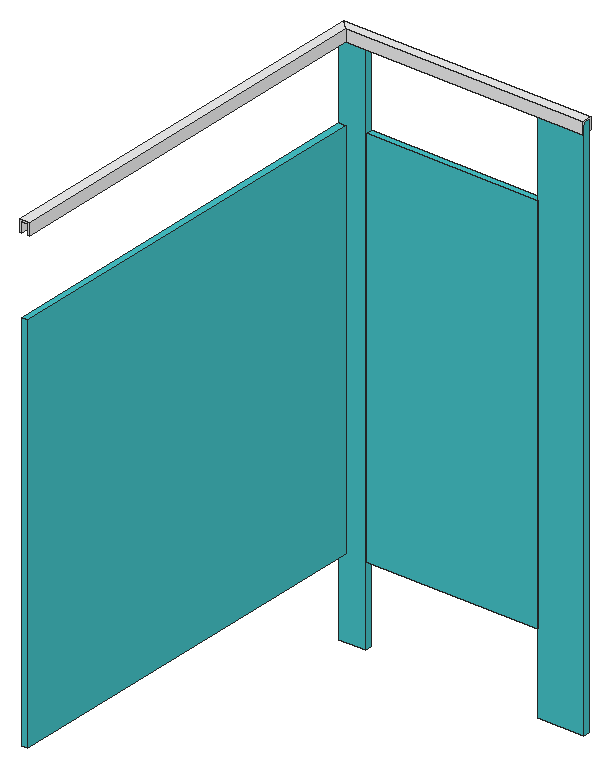
Revit family
Parameters (values of type "36" x 60" Clear")
  Assembly Code = "C1030100"
  Brace Height = 6' - 11"
  Door Width = 2' - 2"
  Length = 5' - 0"
  Toilet Partition Material = Toilet Partition
  Width = 3' - 0"
Types (4): name | Length | Width
  32" x 56" Clear | 4' - 8" | 3' - 0"
  36" x 60" Clear | 5' - 0" | 3' - 0"
  59" x 60" Clear | 5' - 0" | 4' - 11"
  2 9" x 60" Clear | 5' - 0" | 2' - 9"
Reference planes (in)
  plane 1: y = 0
  plane 2: x = 15.94107
  plane 3: y = 2.5
  plane 4 "Center (L/R)": x = 33.94107
  plane 5: x = -2.05893
  plane 6: y = 62.5
  plane 7 "Center (F/B)": y = 2.5
  plane 8: x = -3.05893
  plane 9: y = 63.5
  plane 10: x = 9.94107
  plane 11: z = 12
  plane 12: z = 70
  plane 13: x = 0.94107
  plane 14: x = 26.94107
  plane 15: z = 83
Forms (in)
  Extrusion 1, solid, material "Toilet Partition" <- "Toilet Partition Material"
    sketch origin (-60, 2.5625, 0) x (-1, 0, 0) y (0, 0, 1)
      loop
        line (-57.94107, 70) -> (-57.94107, 12) -> (-56.94107, 12) -> (-56.94107, 70) -> (-57.94107, 70)
    from -0.0625 to 59.9375
  Extrusion 2, solid, material "Toilet Partition" <- "Toilet Partition Material"
    sketch origin (0, 0, 0) x (1, 0, 0) y (0, 1, 0)
      loop
        line (-3.05893, 63.5) -> (-3.05893, 62.5) -> (0.94107, 62.5) -> (0.94107, 63.5) -> (-3.05893, 63.5)
      loop
        line (26.94107, 63.5) -> (26.94107, 62.5) -> (33.94107, 62.5) -> (33.94107, 63.5) -> (26.94107, 63.5)
    from 0 to 83
  Extrusion 3, solid, material "Toilet Partition" <- "Toilet Partition Material"
    sketch origin (0, 0, 0) x (1, 0, 0) y (0, 1, 0)
      loop
        line (0.94107, 63.5) -> (0.94107, 62.5) -> (26.94107, 62.5) -> (26.94107, 63.5) -> (0.94107, 63.5)
    from 12 to 70
  Sweep 4, solid, material "Metal - Aluminum, Brushed"
    path origin (0, 0, 0) x (1, 0, 0) y (0, 1, 0)
      loop
        line (-2.05893, 2.5) -> (-2.05893, 62.5) -> (33.94107, 62.5)
    profile origin (0, 32.5, 0) x (-1, 0, 0) y (0, 0, 1)
      loop
        line (3.05893, 81.5) -> (3.30893, 81.5) -> (3.30893, 83.25) -> (1.80893, 83.25) -> (1.80893, 81.5) -> (2.05893, 81.5) -> (2.05893, 83) -> (3.05893, 83) -> (3.05893, 81.5)
Lines and regions (in)
  model lines, style "InvisibleLines"
    curve 1: line (33.94107, 2.5, 0) -> (33.94107, 62.5, 0)
    curve 3: line (33.94107, 2.5, 0) -> (33.94107, 2.5, 70)
  model lines, style "SpecialityEquipment"
    curve 2: line (-3.05893, 2.5, 70) -> (-2.05893, 2.5, 70)
  model lines, style "Toilet Accessories-Dashed"
    curve 4: line (-2.05893, 2.5, 70) -> (33.94107, 2.5, 70)
    curve 5: line (-2.05893, 2.5, 12) -> (33.94107, 2.5, 12)
  symbolic lines, style "Toilet Accessories-Dashed"
    curve 6: line (26.94107, 0, 70) -> (0.94107, 0, 41)
    curve 7: line (0.94107, 0, 41) -> (26.94107, 0, 12)
  symbolic lines, style "Toilet Accessories"
    curve 8: line (-3.05893, 2.5, 0) -> (-3.05893, 63.5, 0)
    curve 9: line (-3.05893, 63.5, 0) -> (0.94107, 63.5, 0)
    curve 10: line (0.94107, 63.5, 0) -> (0.94107, 62.5, 0)
    curve 11: line (0.94107, 62.5, 0) -> (-2.05893, 62.5, 0)
    curve 12: line (-2.05893, 62.5, 0) -> (-2.05893, 2.5, 0)
    curve 13: line (-2.05893, 2.5, 0) -> (-3.05893, 2.5, 0)
    curve 14: line (26.94107, 63.5, 0) -> (26.94107, 62.5, 0)
    curve 15: line (26.94107, 62.5, 0) -> (33.94107, 62.5, 0)
    curve 16: line (33.94107, 63.5, 0) -> (26.94107, 63.5, 0)
    curve 17: line (0.94107, 62.5, 0) -> (0.94107, 36.5, 0)
    curve 18: line (0.94107, 36.5, 0) -> (1.94107, 36.5, 0)
    curve 19: line (1.94107, 36.5, 0) -> (1.94107, 62.5, 0)
    curve 20: line (1.94107, 62.5, 0) -> (0.94107, 62.5, 0)
    curve 21: arc (26.94107, 62.5, 0) -> (19.32585, 44.11522, 0) -> (0.94107, 36.5, 0) r 26
    curve 22: line (33.94107, 63.5, 0) -> (33.94107, 62.5, 0)
Text (in)
  text "Placement Side" at (0, 40.15149, 123.01588), in view "Right"
  text "Placement Side, matches cursor" at (-46.06407, 47.04732, 0), in view "Floor Line"
  text "Placement Side" at (0, 65.23256, 117.93067), in view "Left"
Dimensions and locks (in)
  "Width": plane 5 to plane 4 "Center (L/R)"
  locked: plane 7 "Center (F/B)" to host wall
  "Length": plane 7 "Center (F/B)" to plane 6
  locked: plane 6 to plane 9 at 1
  locked: plane 8 to plane 5 at 1
  plane 11 to plane 12 = 4' - 10"
  host wall to plane 11 = 1' - 0"
  equal spacing: plane 5, plane 2, plane 4 "Center (L/R)"
  equal spacing: plane 11, curve 7, plane 12
  locked: plane 8 to plane 13 at 4
  "Door Width": plane 13 to plane 14
  locked: curve 17 to curve 19 at 1
  "Brace Height": level to plane 15
  locked: Sweep 4 sketch curve to plane 5 at 0.25
  locked: plane 8 to Sweep 4 sketch curve at 0.25
  locked: plane 15 to Sweep 4 sketch curve at 0.25
  locked: Sweep 4 sketch curve to plane 15 at 1.5  (x2)
  aligned and locked: plane 3 to host wall
  aligned and locked: Extrusion 1 to plane 6
  aligned and locked: Extrusion 2 sketch curve to plane 9
  aligned and locked: Extrusion 2 sketch curve to plane 6  (x2)
  aligned and locked: Extrusion 2 sketch curve to plane 4 "Center (L/R)"
  aligned and locked: Extrusion 3 sketch curve to Extrusion 2  (x2)
  aligned and locked: plane 13 to curve 10
  aligned and locked: plane 13 to curve 17
  aligned and locked: plane 14 to curve 14
  aligned and locked: Extrusion 3 sketch curve to plane 13
  aligned and locked: Extrusion 2 sketch curve to plane 14
  aligned and locked: plane 13 to Extrusion 2 sketch curve
  aligned and locked: curve 6 to Extrusion 3
  aligned and locked: Extrusion 2 to plane 15
  aligned and locked: plane 11 to Extrusion 3
  aligned and locked: Extrusion 1 to Sweep 4 sketch curve
  aligned and locked: plane 5 to Sweep 4 sketch curve
  aligned and locked: Sweep 4 sketch curve to plane 15
Automatic sketch dimensions
  Extrusion 1 sketch curve to plane 5 = 0' - 0"
  Extrusion 1 sketch curve to plane 8 = 0' - 0"
  Extrusion 1 sketch curve to plane 11 = 0' - 0"
  Extrusion 1 sketch curve to plane 12 = 0' - 0"
  Extrusion 3 sketch curve to plane 9 = 0' - 0"
  Extrusion 2 sketch curve to plane 8 = 0' - 0"
  Extrusion 2 sketch curve to plane 9 = 0' - 0"
  curve 13 to host wall = 0' - 0"
  curve 13 to plane 8 = 0' - 0"
  curve 13 to plane 5 = 0' - 0"
  curve 1 to host wall = 0' - 0"
  curve 22 to plane 4 "Center (L/R)" = 0' - 0"
  curve 11 to plane 6 = 0' - 0"
  curve 1 to plane 6 = 0' - 0"
  curve 16 to plane 9 = 0' - 0"
  curve 9 to plane 9 = 0' - 0"
  curve 4 to plane 5 = 0' - 0"
  curve 4 to plane 12 = 0' - 0"
  curve 5 to plane 4 "Center (L/R)" = 0' - 0"
  curve 5 to plane 11 = 0' - 0"
  curve 3 to level = 0' - 0"
  curve 2 to plane 8 = 0' - 0"
  curve 5 to plane 5 = 0' - 0"
  curve 7 to plane 13 = 0' - 0"
  curve 6 to plane 14 = 0' - 0"
  curve 7 to plane 14 = 0' - 0"
  curve 7 to plane 11 = 0' - 0"
  Sweep 4 sketch curve to plane 4 "Center (L/R)" = 0' - 0"
  Sweep 4 sketch curve to plane 3 = 0' - 0"
  Sweep 4 sketch curve to profile plane = 0' - 0"
  Sweep 4 sketch curve to Sweep 4 sketch curve = 0' - 0 1/4"
